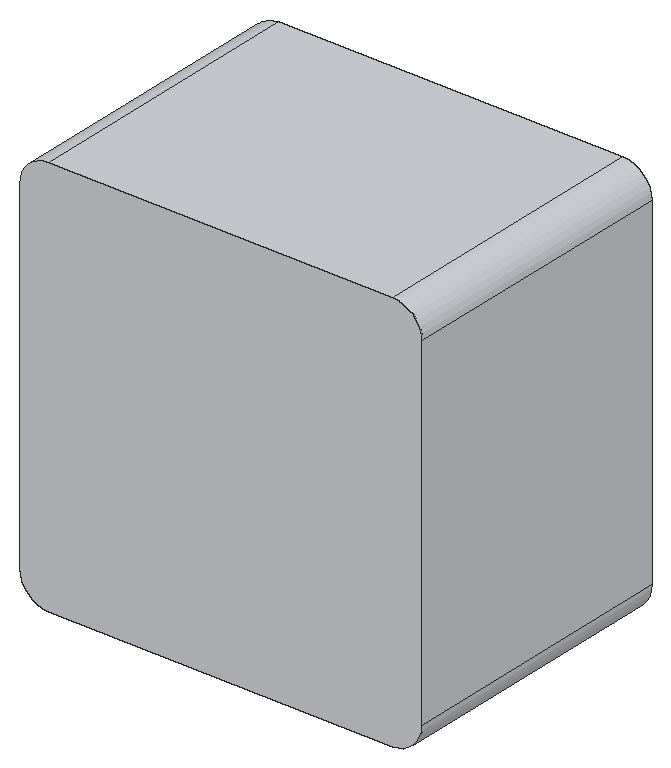
Revit family "Building-ContenitoriIncasso-GEWISS-24SC-SCATOLE-INCASSO_QUADRATA", category Apparecchi elettrici, host Muro, Revit 2016
Family settings
  Host = Muro
  Mantenere orientamento annotazione = Sì
  Tipo di parte = Normale
  Quota connettore circolare = Usa diametro
  Numero OmniClass = 23.80.30.14.24
  Titolo OmniClass = Junction Boxes
  Sempre verticale = Sì
  Taglio con vuoti quando caricato = Sì
  Condiviso = Sì
  Punto di calcolo locali = Sì
Parameters (values of type "GW24231 - Scatola quadrata 2 posti componibile")
  Versione file RFA = "19.0"
  URL = "https://www.gewiss.com/it/it"
  Termopressione con biglia = "70 °C"
  Temperatura di impiego = "-15 +60 °C"
  Scheda Tecnica = "https://www.gewiss.com/it/it/search?q=GW24231"
  SEO = "Scatola"
  Produttore = "GEWISS S.p.A."
  Per Pareti = "Muratura"
  Modello = "GW24231"
  Interasse fissaggio supporti = "60MM"
  Installazione = "Incasso"
  Immagine tipo = GW24231.jpg
  IFC.TypeObject = ""
  IFC.ExportType = ""
  IFC.ExportAs = ""
  IDT = "c8dd2046-a964-4465-85e7-1ef8ac9c9b0d"
  IDF = "9ea03b21-96b0-4513-825a-030b5c5d3400"
  Glow Wire Test = "650°C"
  Dim. esterne BxHxP (mm) = "70x70x50"
  Descrizione: = "2 posti componibile"
  Descrizione = "SCATOLA QUADRATA 2 POSTI COMPONIBILE"
  Creato da GEWISS S.p.A. = ""
  Codice Electrocod = "0210"
  Codice EAN = "8011564055148"
  Catalogo Serie = "24SC"
  Catalogo = "BUILDING"
  Caratteristiche = "Halogen free"
  COBie.Tagnumber = ""
  COBie.CreatedOn = ""
  COBie.CreatebBy = ""
  COBie.ComponentRegisterItemID = ""
  COBie.Component.TagNumber = ""
  COBie.Component.Space = ""
  COBie.Component.SerialNumber = ""
  COBie.Component.InstallationDate = ""
  COBie.Component.Description = ""
  COBie.Component.BarCode = ""
Reference planes
  plane 1 "Muro": y = 0
  plane 2 "Centro (Sinistra/Destra)": x = 125
  plane 3 "Indietro": y = 75
  plane 4: y = 25
  plane 5: y = 27
  plane 6: z = 500
Forms (mm)
  Extrusion 1, solid
    sketch origin (0, 0, 73.873) x (1, 0, 0) y (0, 0, 1)
      loop
        line (155, 496.127) -> (95, 496.127)
        arc (95, 496.127) -> (91.464, 494.663) -> (90, 491.127) r 5
        line (90, 491.127) -> (90, 431.127)
        arc (90, 431.127) -> (91.464, 427.592) -> (95, 426.127) r 5
        line (95, 426.127) -> (155, 426.127)
        arc (155, 426.127) -> (158.536, 427.592) -> (160, 431.127) r 5
        line (160, 431.127) -> (160, 491.127)
        arc (160, 491.127) -> (158.536, 494.663) -> (155, 496.127) r 5
    from -75 to -25
  Extrusion 2, void
    sketch origin (0, 75, 73.873) x (1, 0, 0) y (0, 0, 1)
      loop
        arc (158, 491.127) -> (157.121, 493.248) -> (155, 494.127) r 3
        line (155, 494.127) -> (95, 494.127)
        arc (95, 494.127) -> (92.879, 493.248) -> (92, 491.127) r 3
        line (92, 491.127) -> (92, 431.127)
        arc (92, 431.127) -> (92.879, 429.006) -> (95, 428.127) r 3
        line (95, 428.127) -> (155, 428.127)
        arc (155, 428.127) -> (157.121, 429.006) -> (158, 431.127) r 3
        line (158, 431.127) -> (158, 491.127)
    from 0 to 48
  Extrusion 3, void
    sketch origin (0, 80, 73.873) x (1, 0, 0) y (0, 0, 1)
      loop
        line (155, 496.127) -> (95, 496.127)
        arc (95, 496.127) -> (91.464, 494.663) -> (90, 491.127) r 5
        line (90, 491.127) -> (90, 431.127)
        arc (90, 431.127) -> (91.464, 427.592) -> (95, 426.127) r 5
        line (95, 426.127) -> (155, 426.127)
        arc (155, 426.127) -> (158.536, 427.592) -> (160, 431.127) r 5
        line (160, 431.127) -> (160, 491.127)
        arc (160, 491.127) -> (158.536, 494.663) -> (155, 496.127) r 5
    from 5 to 55
Cuts and joins
  Extrusion 2 cuts Extrusion 1
Text (mm)
  text "Lato posizionamento" at (-1848.837, 1116.779, 0), in view "Livello rif."
  text "Lato posizionamento" at (0, 1409.804, 2854.306), in view "Sinistra"
  text "Lato posizionamento" at (0, 499.811, 2980.732), in view "Destra"
Dimensions and locks
  locked: plane 3 "Indietro" to host wall
  equal spacing: Extrusion 1 sketch curve, plane 2 "Centro (Sinistra/Destra)", Extrusion 1 sketch curve
  locked: plane 2 "Centro (Sinistra/Destra)" to Extrusion 1 sketch curve at 35
  locked: Extrusion 1 sketch curve to Extrusion 1 sketch curve at 70
  plane 4 to plane 3 "Indietro" = 50 mm
  locked: plane 5 to plane 4 at 2
  Extrusion 3 sketch curve to Extrusion 3 sketch curve = 70 mm
  locked: Extrusion 3 sketch curve to Extrusion 3 sketch curve at 70
  level to plane 6 = 500 mm
  aligned and locked: plane 1 "Muro" to host wall
  aligned and locked: Extrusion 1 to plane 3 "Indietro"
  aligned and locked: Extrusion 1 to plane 4
  aligned and locked: Extrusion 2 to plane 5
  aligned and locked: Extrusion 2 to plane 3 "Indietro"
  aligned and locked: Extrusion 3 to plane 4
  aligned and locked: Extrusion 3 to plane 3 "Indietro"
